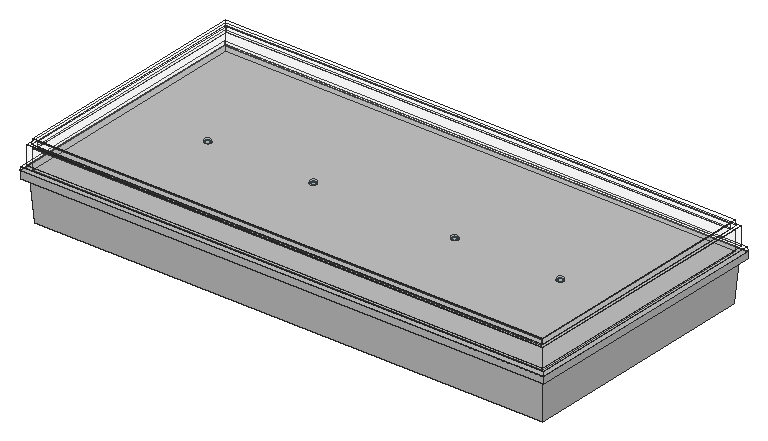
Revit family "SOLID ZONE LOWBAY LED EMERGENCY LIGHT TWT3251WK", category Lighting Fixtures, host Face, Revit 2015
Parameters
  Width = 371 mm  # constant formula
  Product Code = "TWT3251WK"  # constant formula
  Model = "Solid Safe"  # constant formula
  Material = Plastic
  Manufacturer = "Teknoware Oy"  # constant formula
  Height = 57 mm  # constant formula
  Depth = 181 mm  # constant formula
  Default Elevation = 1219.2 mm
  Color = RAL9003
Reference planes
  plane 1 "Center (Front/Back)": y = 0
  plane 2 "Bottom": z = 0
  plane 3 "Center (Left/Right)": x = 0
  plane 4 "Left": x = -185.5
  plane 5 "Right": x = 185.5
  plane 6 "Back": y = 90.5
  plane 7 "Front": y = -90.5
  plane 8 "Top": z = 57
  plane 9 "Center (Elevation)": z = 28.5
  plane 10: z = 36.691
Dimensions and locks
  equal spacing: plane 4 "Left", plane 3 "Center (Left/Right)", plane 5 "Right"
  equal spacing: plane 6 "Back", plane 1 "Center (Front/Back)", plane 7 "Front"
  "Width": plane 4 "Left" to plane 5 "Right"
  "Depth": plane 6 "Back" to plane 7 "Front"
  equal spacing: plane 8 "Top", plane 9 "Center (Elevation)", plane 2 "Bottom"
  "Height": plane 8 "Top" to plane 2 "Bottom"
  locked: plane 8 "Top" to plane 10 at 20.309
  nested 6 to nested 3 to plane 3 "Center (Left/Right)" to nested 4 to nested 5 = 75 mm locked, 50 mm locked, 50 mm locked, 75 mm locked
  aligned and locked: plane 2 "Bottom" to host face
  aligned and locked: level to host face
  aligned and locked: plane 3 "Center (Left/Right)" to nested 1
  aligned and locked: plane 1 "Center (Front/Back)" to nested 1
  aligned and locked: plane 8 "Top" to nested 1
  aligned and locked: plane 3 "Center (Left/Right)" to nested 2
  aligned and locked: plane 1 "Center (Front/Back)" to nested 2
Automatic sketch dimensions
  host sketch curve to host sketch curve = 2438.4 mm  (x2)
Nested families
  nested 1: "Solid Safe kupu" at (414.5, 209.5, 0), type "Solid Safe kupu"
  nested 2: "Solid Safe runko" at (414.5, 209.5, 0), type "Solid Safe runko"
  nested 3: "LED" at (-50, 0, -1363.309), type "LED"
  nested 4: "LED" at (50, 0, -1363.309), type "LED"
  nested 5: "LED" at (125, 0, -1363.309), type "LED"
  nested 6: "LED" at (-125, 0, -1363.309), type "LED"
Definition of nested family "Solid Safe kupu"
  Parameters (values of type "Solid Safe kupu")
    Width = 371 mm  # constant formula
    Depth = 181 mm  # constant formula
    Height = 57 mm  # constant formula
    Default Elevation = 1219.2 mm
    Color = none
    Body Material = none
  Reference planes
    plane 1 "Center (Front/Back)": y = -209.5
    plane 2 "Bottom": z = 0
    plane 3 "Center (Left/Right)": x = -414.5
    plane 4 "Left": x = -600
    plane 5 "Right": x = -229
    plane 6 "Front": y = -300
    plane 7 "Back": y = -119
    plane 8 "Top": z = 57
    plane 9 "Center (Elevation)": z = 28.5
  Forms (mm)
    Sweep 1, solid
      path origin (0, 0, 57) x (0, -1, 0) y (1, 0, 0)
        loop
          line (119, -600) -> (300, -600) -> (300, -229) -> (119, -229) -> (119, -600)
      profile origin (-600, -209.5, 57) x (-1, 0, 0) y (0, 0, 1)
        loop
          line (0, -20.309) -> (0, -17.275) -> (-2.466, -17.275) -> (-2.466, -3.774) -> (-4.422, -3.774) -> (-4.752, 0) -> (-7.262, 0) -> (-6.713, -6.274) -> (-4.966, -6.274) -> (-4.966, -20.309) -> (0, -20.309)
    Extrusion 2, solid
      sketch origin (0, -209.5, 57) x (1, 0, 0) y (0, 0, 1)
        loop
          line (-592.738, 0) -> (-592.957, -2.5) -> (-236.043, -2.5) -> (-236.262, 0) -> (-592.738, 0)
      from -85.534 to 85.534
  Cuts and joins
    joined: Sweep 1, Extrusion 2
  Dimensions and locks
    equal spacing: plane 4 "Left", plane 3 "Center (Left/Right)", plane 5 "Right"
    equal spacing: plane 7 "Back", plane 1 "Center (Front/Back)", plane 6 "Front"
    equal spacing: plane 8 "Top", plane 9 "Center (Elevation)", plane 2 "Bottom"
    "Height": plane 8 "Top" to plane 2 "Bottom"
    "Width": plane 4 "Left" to plane 5 "Right"
    "Depth": plane 7 "Back" to plane 6 "Front"
    aligned and locked: level to plane 2 "Bottom"
  Automatic sketch dimensions
    Sweep 1 sketch curve to plane 5 "Right" = 0 mm
    Sweep 1 sketch curve to plane 7 "Back" = 0 mm
    Sweep 1 sketch curve to plane 4 "Left" = 0 mm
    Sweep 1 sketch curve to plane 6 "Front" = 0 mm
    Sweep 1 sketch curve to profile plane = 0 mm  (x2)
    profile plane to Sweep 1 sketch curve = 2.466 mm
    Sweep 1 sketch curve to Sweep 1 sketch curve = 1.956 mm
    Sweep 1 sketch curve to Sweep 1 sketch curve = 0.33 mm
    Sweep 1 sketch curve to Sweep 1 sketch curve = 2.5 mm  (x2)
    Sweep 1 sketch curve to Sweep 1 sketch curve = 1.746 mm
    Sweep 1 sketch curve to Sweep 1 sketch curve = 2.51 mm
    Sweep 1 sketch curve to profile plane = 3.774 mm
    Sweep 1 sketch curve to Sweep 1 sketch curve = 11.001 mm
    Sweep 1 sketch curve to Sweep 1 sketch curve = 3.033 mm
    Extrusion 2 sketch curve to plane 8 "Top" = 0 mm
    Extrusion 2 sketch curve to plane 8 "Top" = 2.5 mm
    plane 4 "Left" to Extrusion 2 sketch curve = 7.043 mm
    Extrusion 2 sketch curve to Extrusion 2 sketch curve = 0.219 mm  (x2)
    Extrusion 2 sketch curve to plane 5 "Right" = 7.262 mm
Definition of nested family "Solid Safe runko"
  Parameters (values of type "Solid Safe runko")
    Width = 371 mm  # constant formula
    Depth = 181 mm  # constant formula
    Height = 57 mm  # constant formula
    Default Elevation = 1219.2 mm
    Color = none
    Body Material = none
  Reference planes
    plane 1 "Center (Front/Back)": y = -209.5
    plane 2 "Bottom": z = 0
    plane 3 "Center (Left/Right)": x = -414.5
    plane 4 "Left": x = -600
    plane 5 "Right": x = -229
    plane 6 "Front": y = -300
    plane 7 "Back": y = -119
    plane 8 "Top": z = 57
    plane 9 "Center (Elevation)": z = 28.5
  Forms (mm)
    Extrusion 1, solid, material <- "Body Material"
      sketch origin (-234.616, -209.5, 3.654) x (0, 1, 0) y (1, 0, 0)
        loop
          line (78.884, -354.767) -> (78.884, -5) -> (-78.884, -5) -> (-78.884, -354.767) -> (78.884, -354.767)
      from 0 to 3.654
    Extrusion 2, void
      sketch origin (-414.5, 0, 57) x (0, 1, 0) y (0, 0, 1)
        loop
          line (-124.872, -57) -> (-119, -57) -> (-119, -25.083) -> (-122.64, -25.083) -> (-124.872, -57)
        loop
          line (-296.36, -25.083) -> (-300, -25.083) -> (-300, -57) -> (-294.128, -57) -> (-296.36, -25.083)
      from -185.5 to 185.5
    Extrusion 3, solid, material <- "Body Material"
      sketch origin (0, -209.5, 57) x (1, 0, 0) y (0, 0, 1)
        loop
          line (-594.384, -53.346) -> (-234.616, -53.346) -> (-232.64, -25.083) -> (-229, -25.083) -> (-229, -20.309) -> (-600, -20.309) -> (-600, -25.083) -> (-596.36, -25.083) -> (-594.384, -53.346)
      from -90.5 to 90.5
  Cuts and joins
    Extrusion 2 cuts Extrusion 3
    joined: Extrusion 1, Extrusion 3
  Dimensions and locks
    equal spacing: plane 4 "Left", plane 3 "Center (Left/Right)", plane 5 "Right"
    equal spacing: plane 7 "Back", plane 1 "Center (Front/Back)", plane 6 "Front"
    equal spacing: plane 8 "Top", plane 9 "Center (Elevation)", plane 2 "Bottom"
    "Height": plane 8 "Top" to plane 2 "Bottom"
    "Width": plane 4 "Left" to plane 5 "Right"
    "Depth": plane 7 "Back" to plane 6 "Front"
    aligned and locked: level to plane 2 "Bottom"
    aligned and locked: Extrusion 1 to level
  Automatic sketch dimensions
    Extrusion 2 sketch curve to level = 0 mm  (x2)
    Extrusion 2 sketch curve to plane 6 "Front" = 0 mm
    Extrusion 2 sketch curve to plane 7 "Back" = 0 mm
    plane 6 "Front" to Extrusion 2 sketch curve = 3.64 mm
    plane 6 "Front" to Extrusion 2 sketch curve = 5.872 mm
    Extrusion 2 sketch curve to Extrusion 2 sketch curve = 5.872 mm
    Extrusion 2 sketch curve to Extrusion 2 sketch curve = 3.64 mm
    plane 9 "Center (Elevation)" to Extrusion 2 sketch curve = 3.417 mm  (x2)
    Extrusion 3 sketch curve to plane 4 "Left" = 0 mm
    Extrusion 3 sketch curve to plane 5 "Right" = 0 mm
    plane 4 "Left" to Extrusion 3 sketch curve = 3.64 mm
    plane 4 "Left" to Extrusion 3 sketch curve = 5.616 mm
    Extrusion 3 sketch curve to plane 5 "Right" = 5.616 mm
    Extrusion 3 sketch curve to plane 5 "Right" = 3.64 mm
    level to Extrusion 3 sketch curve = 3.654 mm
    plane 9 "Center (Elevation)" to Extrusion 3 sketch curve = 3.417 mm  (x2)
    Extrusion 3 sketch curve to Extrusion 3 sketch curve = 4.774 mm
    Extrusion 1 sketch curve to Extrusion 3 = 5 mm
    Extrusion 1 sketch curve to Extrusion 3 = 11.616 mm  (x2)
    Extrusion 3 to Extrusion 1 sketch curve = 5 mm
Definition of nested family "LED"
  Parameters (values of type "LED")
    Wattage = 1.34642 W
    built-in parameter 1150110 = 1 (stored number, unit not read)
    Up [instance] = yes
    built-in parameter 1114217 = 1 (stored number, unit not read)
    built-in parameter 1150109 = 1 (stored number, unit not read)
    built-in parameter 1150134 = (empty or 0)
    built-in parameter 1150113 = 1 (stored number, unit not read)
    Lumens = 200 lm
    built-in parameter 1150115 = 1 (stored number, unit not read)
    built-in parameter 1150105 = 15.915 (stored number, unit not read)
    Light Source Symbol Size = 609.6 mm
    built-in parameter 1150137 = (empty or 0)
    built-in parameter 1150139 = (empty or 0)
    built-in parameter 1150112 = 1 (stored number, unit not read)
    built-in parameter 1150114 = 1 (stored number, unit not read)
    built-in parameter 1150132 = 2
    built-in parameter 1150102 = (empty or 0)
    built-in parameter 1150138 = (empty or 0)
    built-in parameter 1150107 = 3000 (stored number, unit not read)
    built-in parameter 1150106 = 0.15915 (stored number, unit not read)
    built-in parameter 1150104 = 13.8 (stored number, unit not read)
    Down [instance] = yes
    Dimming Lamp Color Temperature Shift = (empty or 0)
    Color Filter = 16777215
    built-in parameter 1114218 = 1 (stored number, unit not read)
    built-in parameter 1150133 = 10 (stored number, unit not read)
  Reference planes
    plane 1 "Light Source Axis (F/B)": y = 0
    plane 2: z = 0
    plane 3 "Light Source Axis (L/R)": x = 0
    plane 4 "Light Source Elevation": z = 1400
  Forms (mm)
    Revolve 1, solid, visible <- "Up"
      sketch origin (0, 0, 1400) x (0, 1, 0) y (0, 0, 1)
        loop
          line (-2.5, 0) -> (-1.5, 0)
          arc (-1.5, 0) -> (0, 1.5) -> (1.5, 0) r 1.5
          line (1.5, 0) -> (2.5, 0)
          arc (2.5, 0) -> (0, 2.5) -> (-2.5, 0) r 2.5
        axis (2.5, 0) -> (-2.5, 0)
      angle from -90 to 90
    Revolve 2, solid, visible <- "Down"
      sketch origin (0, 0, 1400) x (0, 1, 0) y (0, 0, 1)
        loop
          arc (-2.5, 0) -> (0, -2.5) -> (2.5, 0) r 2.5
          line (2.5, 0) -> (1.5, 0)
          arc (1.5, 0) -> (0, -1.5) -> (-1.5, 0) r 1.5
          line (-1.5, 0) -> (-2.5, 0)
        axis (2.5, 0) -> (-2.5, 0)
      angle from -90 to 90
  Dimensions and locks
    aligned and locked: plane 3 "Light Source Axis (L/R)" to imposter light
    aligned and locked: plane 1 "Light Source Axis (F/B)" to imposter light
    aligned and locked: plane 4 "Light Source Elevation" to imposter light
    aligned and locked: plane 2 to level
